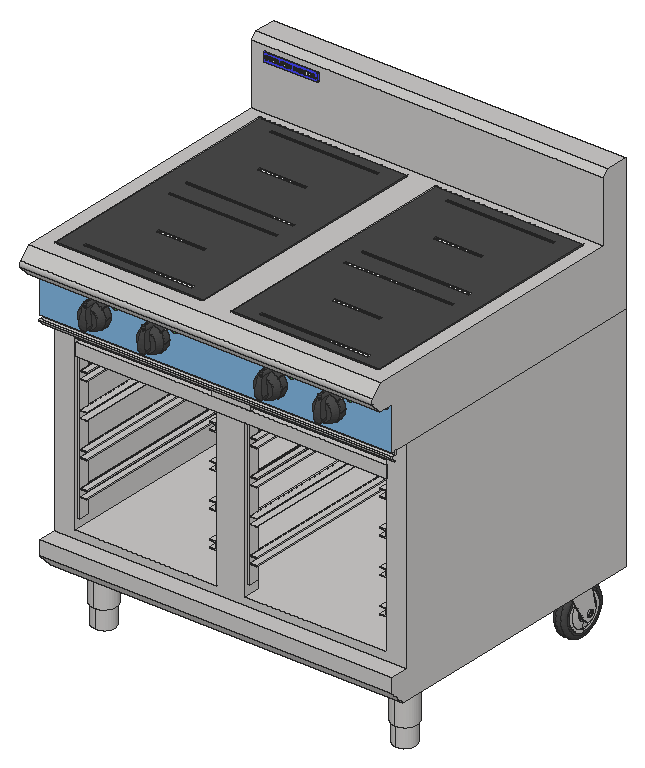
Revit family "QF_Moffat_IN514R3-CB_Induction_Cooktop_cat", category Specialty Equipment, Revit 2019 (continued)
Definition of nested family "QF_LOGO_BLue Seal"
  Forms (mm)
    Extrusion 2, solid
      sketch origin (0, 0, 0) x (1, 0, 0) y (0, 0, 1)
        loop
          line (106.404, 14.317) -> (106.404, 8.169)
          arc (106.404, 8.169) -> (106.697, 7.461) -> (107.404, 7.169) r 1
          line (107.404, 7.169) -> (111.34, 7.169)
          arc (111.34, 7.169) -> (112.047, 7.461) -> (112.34, 8.169) r 1
          line (112.34, 8.169) -> (112.34, 9.135) -> (115.1, 9.135) -> (115.1, 8.169)
          arc (115.1, 8.169) -> (115.393, 7.461) -> (116.1, 7.169) r 1
          line (116.1, 7.169) -> (119.975, 7.169)
        loop
          arc (122.692, 8.169) -> (122.985, 7.461) -> (123.692, 7.169) r 1
          line (123.692, 7.169) -> (133.067, 7.169)
          arc (133.067, 7.169) -> (134.076, 8.178) -> (133.067, 9.188) r 1.01
          line (133.067, 9.188) -> (128.479, 9.188) -> (128.479, 14.317)
          arc (128.479, 14.317) -> (128.186, 15.024) -> (127.479, 15.317) r 1
          line (127.479, 15.317) -> (123.692, 15.317)
          arc (123.692, 15.317) -> (122.985, 15.024) -> (122.692, 14.317) r 1
          line (122.692, 14.317) -> (122.692, 8.169)
        loop
          line (8.019, 7.227) -> (8.019, 15.172)
          arc (8.019, 15.172) -> (4.133, 11.2) -> (8.019, 7.227) r 3.973
      from 0 to 3.2
    Extrusion 3, solid
      sketch origin (0, 0, 0) x (1, 0, 0) y (0, 0, 1)
        loop
          line (8.289, 15.169) -> (8.289, 7.231)
          arc (8.289, 7.231) -> (12.08, 11.2) -> (8.289, 15.169) r 3.973
      from 0 to 3.2
    Extrusion 4, solid
      sketch origin (16.271, 0, 0) x (-1, 0, 0) y (0, 0, -1)
        loop
          arc (8.252, -15.172) -> (12.138, -11.2) -> (8.252, -7.227) r 3.973
          line (8.252, -7.227) -> (8.252, -15.172)
      from 0 to 3.2
  Dimensions and locks
    equal spacing: plane 3 "LEFT", plane 7 "Center Y", plane 4 "RIGHT"
    "Length": plane 3 "LEFT" to plane 4 "RIGHT"
    equal spacing: plane 5 "FRONT", plane 8 "Center X", plane 1 "BACK"
    "Depth": plane 5 "FRONT" to plane 1 "BACK"
    "Height": plane 6 "TOP" to level
    plane 4 "RIGHT" to plane 3 "LEFT" = 138 mm
    aligned and locked: level to plane 2
  Automatic sketch dimensions
    Extrusion 1 sketch curve to Extrusion 1 sketch curve = 0 mm  (x12)
    Extrusion 1 sketch curve to plane 3 "LEFT" = 0 mm
    Extrusion 1 sketch curve to level = 0 mm
    Extrusion 1 sketch curve to plane 6 "TOP" = 0 mm
    plane 4 "RIGHT" to Extrusion 1 sketch curve = 0 mm
    plane 3 "LEFT" to Extrusion 1 sketch curve = 2 mm
    Extrusion 1 sketch curve to Extrusion 1 sketch curve = 2 mm
    plane 3 "LEFT" to Extrusion 1 sketch curve = 8.135 mm
    Extrusion 1 sketch curve to Extrusion 1 sketch curve = 7.524 mm
    Extrusion 1 sketch curve to Extrusion 1 sketch curve = 0.965 mm
    Extrusion 1 sketch curve to Extrusion 1 sketch curve = 1 mm  (x22)
    Extrusion 1 sketch curve to Extrusion 1 sketch curve = 4.503 mm
    Extrusion 1 sketch curve to Extrusion 1 sketch curve = 2.434 mm  (x2)
    Extrusion 1 sketch curve to Extrusion 1 sketch curve = 4.362 mm
    Extrusion 1 sketch curve to Extrusion 1 sketch curve = 3.517 mm
    Extrusion 1 sketch curve to Extrusion 1 sketch curve = 3.787 mm  (x2)
    Extrusion 1 sketch curve to Extrusion 1 sketch curve = 4.787 mm
    Extrusion 1 sketch curve to Extrusion 1 sketch curve = 4.588 mm
    Extrusion 1 sketch curve to Extrusion 1 sketch curve = 1.798 mm
    Extrusion 1 sketch curve to Extrusion 1 sketch curve = 1.956 mm  (x2)
    Extrusion 1 sketch curve to Extrusion 1 sketch curve = 3.735 mm
    Extrusion 1 sketch curve to Extrusion 1 sketch curve = 3.779 mm
    Extrusion 1 sketch curve to Extrusion 1 sketch curve = 1.146 mm
    Extrusion 1 sketch curve to Extrusion 1 sketch curve = 3.631 mm
    Extrusion 1 sketch curve to Extrusion 1 sketch curve = 3.713 mm
    Extrusion 1 sketch curve to Extrusion 1 sketch curve = 0.959 mm
    Extrusion 1 sketch curve to Extrusion 1 sketch curve = 1.688 mm
    Extrusion 1 sketch curve to plane 7 "Center Y" = 3.94 mm
    plane 7 "Center Y" to Extrusion 1 sketch curve = 0.777 mm
    plane 7 "Center Y" to Extrusion 1 sketch curve = 0.845 mm
    plane 7 "Center Y" to Extrusion 1 sketch curve = 0.988 mm
    Extrusion 1 sketch curve to Extrusion 1 sketch curve = 7.327 mm
    Extrusion 1 sketch curve to Extrusion 1 sketch curve = 4.556 mm
    Extrusion 1 sketch curve to Extrusion 1 sketch curve = 3.087 mm
    Extrusion 1 sketch curve to Extrusion 1 sketch curve = 4.657 mm  (x2)
    Extrusion 1 sketch curve to Extrusion 1 sketch curve = 0.004 mm
    Extrusion 1 sketch curve to Extrusion 1 sketch curve = 0.996 mm  (x2)
    Extrusion 1 sketch curve to Extrusion 1 sketch curve = 1.402 mm
    Extrusion 1 sketch curve to Extrusion 1 sketch curve = 5.025 mm
    Extrusion 1 sketch curve to Extrusion 1 sketch curve = 4.717 mm
    Extrusion 1 sketch curve to Extrusion 1 sketch curve = 4.785 mm
    Extrusion 1 sketch curve to Extrusion 1 sketch curve = 0.211 mm
    Extrusion 1 sketch curve to Extrusion 1 sketch curve = 2.645 mm
    Extrusion 1 sketch curve to Extrusion 1 sketch curve = 3.936 mm
    Extrusion 1 sketch curve to Extrusion 1 sketch curve = 0.5 mm  (x2)
    Extrusion 1 sketch curve to Extrusion 1 sketch curve = 1.76 mm
    Extrusion 1 sketch curve to Extrusion 1 sketch curve = 2.76 mm
    Extrusion 1 sketch curve to Extrusion 1 sketch curve = 4.875 mm
    Extrusion 1 sketch curve to Extrusion 1 sketch curve = 3.875 mm
    Extrusion 1 sketch curve to Extrusion 1 sketch curve = 1.717 mm
    plane 4 "RIGHT" to Extrusion 1 sketch curve = 4.933 mm
    plane 4 "RIGHT" to Extrusion 1 sketch curve = 2 mm  (x2)
    level to Extrusion 1 sketch curve = 7.169 mm  (x5)
    Extrusion 1 sketch curve to Extrusion 1 sketch curve = 5.169 mm
    Extrusion 1 sketch curve to Extrusion 1 sketch curve = 0.983 mm  (x2)
    Extrusion 1 sketch curve to Extrusion 1 sketch curve = 1.01 mm  (x2)
    Extrusion 1 sketch curve to Extrusion 1 sketch curve = 0.376 mm
    Extrusion 1 sketch curve to Extrusion 1 sketch curve = 0.588 mm
    Extrusion 1 sketch curve to Extrusion 1 sketch curve = 0.966 mm
    Extrusion 1 sketch curve to Extrusion 1 sketch curve = 2.037 mm  (x2)
    Extrusion 1 sketch curve to Extrusion 1 sketch curve = 0.772 mm  (x2)
    Extrusion 1 sketch curve to Extrusion 1 sketch curve = 0.952 mm
    Extrusion 1 sketch curve to Extrusion 1 sketch curve = 1.046 mm
    Extrusion 1 sketch curve to Extrusion 1 sketch curve = 1.28 mm  (x2)
    Extrusion 1 sketch curve to Extrusion 1 sketch curve = 1.878 mm
    Extrusion 1 sketch curve to Extrusion 1 sketch curve = 2.905 mm
    Extrusion 1 sketch curve to Extrusion 1 sketch curve = 3.031 mm
    Extrusion 1 sketch curve to Extrusion 1 sketch curve = 0.84 mm  (x2)
    Extrusion 1 sketch curve to Extrusion 1 sketch curve = 2.448 mm
    Extrusion 1 sketch curve to Extrusion 1 sketch curve = 2.202 mm
    Extrusion 1 sketch curve to Extrusion 1 sketch curve = 0.786 mm
    Extrusion 1 sketch curve to Extrusion 1 sketch curve = 1.332 mm
    Extrusion 1 sketch curve to Extrusion 1 sketch curve = 1.12 mm  (x2)
    Extrusion 1 sketch curve to Extrusion 1 sketch curve = 1.716 mm
    Extrusion 1 sketch curve to Extrusion 1 sketch curve = 1.051 mm  (x2)
    Extrusion 1 sketch curve to Extrusion 1 sketch curve = 4.147 mm
    Extrusion 1 sketch curve to Extrusion 1 sketch curve = 5.129 mm
    Extrusion 1 sketch curve to Extrusion 1 sketch curve = 0.051 mm
    Extrusion 1 sketch curve to Extrusion 1 sketch curve = 1.037 mm
    Extrusion 1 sketch curve to Extrusion 1 sketch curve = 0.516 mm
    plane 3 "LEFT" to Extrusion 1 sketch curve = 3.555 mm
    Extrusion 2 sketch curve to Extrusion 2 sketch curve = 0 mm  (x16)
    plane 3 "LEFT" to Extrusion 2 sketch curve = 8.019 mm
    Extrusion 2 sketch curve to Extrusion 2 sketch curve = 0.088 mm
    Extrusion 2 sketch curve to Extrusion 2 sketch curve = 0.029 mm
    Extrusion 2 sketch curve to Extrusion 2 sketch curve = 0.27 mm
    Extrusion 2 sketch curve to Extrusion 2 sketch curve = 7.371 mm
    Extrusion 2 sketch curve to Extrusion 2 sketch curve = 0.965 mm
    Extrusion 2 sketch curve to Extrusion 2 sketch curve = 1 mm  (x24)
    Extrusion 2 sketch curve to Extrusion 2 sketch curve = 4.503 mm
    Extrusion 2 sketch curve to Extrusion 2 sketch curve = 2.434 mm
    Extrusion 2 sketch curve to Extrusion 2 sketch curve = 4.362 mm
    Extrusion 2 sketch curve to Extrusion 2 sketch curve = 3.517 mm
    Extrusion 2 sketch curve to Extrusion 2 sketch curve = 3.787 mm  (x2)
    Extrusion 2 sketch curve to Extrusion 2 sketch curve = 4.787 mm  (x2)
    Extrusion 2 sketch curve to Extrusion 2 sketch curve = 4.588 mm  (x2)
    Extrusion 2 sketch curve to Extrusion 2 sketch curve = 1.798 mm
    Extrusion 2 sketch curve to Extrusion 2 sketch curve = 1.956 mm
    Extrusion 2 sketch curve to Extrusion 2 sketch curve = 3.735 mm
    Extrusion 2 sketch curve to Extrusion 2 sketch curve = 1.146 mm
    Extrusion 2 sketch curve to Extrusion 2 sketch curve = 3.631 mm
    Extrusion 2 sketch curve to Extrusion 2 sketch curve = 3.713 mm
    Extrusion 2 sketch curve to Extrusion 2 sketch curve = 0.959 mm
    Extrusion 2 sketch curve to Extrusion 2 sketch curve = 1.688 mm
    Extrusion 2 sketch curve to plane 7 "Center Y" = 3.94 mm
    plane 7 "Center Y" to Extrusion 2 sketch curve = 0.777 mm
    plane 7 "Center Y" to Extrusion 2 sketch curve = 0.845 mm
    plane 7 "Center Y" to Extrusion 2 sketch curve = 0.988 mm
    Extrusion 2 sketch curve to Extrusion 2 sketch curve = 7.327 mm
    Extrusion 2 sketch curve to Extrusion 2 sketch curve = 4.556 mm
    Extrusion 2 sketch curve to Extrusion 2 sketch curve = 3.087 mm
    Extrusion 2 sketch curve to Extrusion 2 sketch curve = 4.657 mm  (x2)
    Extrusion 2 sketch curve to Extrusion 2 sketch curve = 0.004 mm
    Extrusion 2 sketch curve to Extrusion 2 sketch curve = 0.996 mm
    Extrusion 2 sketch curve to Extrusion 2 sketch curve = 1.402 mm
    Extrusion 2 sketch curve to Extrusion 2 sketch curve = 5.025 mm
    Extrusion 2 sketch curve to Extrusion 2 sketch curve = 4.717 mm
    Extrusion 2 sketch curve to Extrusion 2 sketch curve = 4.785 mm
    Extrusion 2 sketch curve to Extrusion 2 sketch curve = 0.211 mm
    Extrusion 2 sketch curve to Extrusion 2 sketch curve = 2.578 mm
    Extrusion 2 sketch curve to Extrusion 2 sketch curve = 3.936 mm
    Extrusion 2 sketch curve to Extrusion 2 sketch curve = 0.5 mm  (x2)
    Extrusion 2 sketch curve to Extrusion 2 sketch curve = 1.76 mm
    Extrusion 2 sketch curve to Extrusion 2 sketch curve = 2.76 mm
    Extrusion 2 sketch curve to Extrusion 2 sketch curve = 3.875 mm
    Extrusion 2 sketch curve to Extrusion 2 sketch curve = 4.875 mm
    Extrusion 2 sketch curve to Extrusion 2 sketch curve = 1.717 mm
    level to Extrusion 2 sketch curve = 7.169 mm  (x6)
    level to Extrusion 2 sketch curve = 7.227 mm
    Extrusion 2 sketch curve to Extrusion 2 sketch curve = 0.003 mm
    Extrusion 2 sketch curve to Extrusion 2 sketch curve = 0.983 mm  (x2)
    Extrusion 2 sketch curve to Extrusion 2 sketch curve = 1.01 mm  (x2)
    Extrusion 2 sketch curve to Extrusion 2 sketch curve = 1.376 mm
    Extrusion 2 sketch curve to Extrusion 2 sketch curve = 0.588 mm
    Extrusion 2 sketch curve to Extrusion 2 sketch curve = 0.966 mm
    Extrusion 2 sketch curve to Extrusion 2 sketch curve = 2.037 mm  (x2)
    Extrusion 2 sketch curve to Extrusion 2 sketch curve = 0.772 mm  (x2)
    Extrusion 2 sketch curve to Extrusion 2 sketch curve = 1.539 mm
    Extrusion 2 sketch curve to Extrusion 2 sketch curve = 0.961 mm
    Extrusion 2 sketch curve to Extrusion 2 sketch curve = 1.28 mm  (x2)
    Extrusion 2 sketch curve to Extrusion 2 sketch curve = 1.878 mm
    Extrusion 2 sketch curve to Extrusion 2 sketch curve = 2.905 mm
    Extrusion 2 sketch curve to Extrusion 2 sketch curve = 3.969 mm
    Extrusion 2 sketch curve to Extrusion 2 sketch curve = 0.84 mm  (x2)
    Extrusion 2 sketch curve to Extrusion 2 sketch curve = 2.448 mm
    Extrusion 2 sketch curve to Extrusion 2 sketch curve = 2.202 mm
    Extrusion 2 sketch curve to Extrusion 2 sketch curve = 2.222 mm
    Extrusion 2 sketch curve to Extrusion 2 sketch curve = 1.332 mm
    Extrusion 2 sketch curve to Extrusion 2 sketch curve = 1.12 mm  (x2)
    Extrusion 2 sketch curve to Extrusion 2 sketch curve = 0.929 mm
    Extrusion 2 sketch curve to Extrusion 2 sketch curve = 1.051 mm  (x2)
    Extrusion 2 sketch curve to Extrusion 2 sketch curve = 5.129 mm  (x2)
    Extrusion 2 sketch curve to Extrusion 2 sketch curve = 4.147 mm
    Extrusion 2 sketch curve to Extrusion 2 sketch curve = 0.516 mm
    plane 3 "LEFT" to Extrusion 2 sketch curve = 3.555 mm
    plane 3 "LEFT" to Extrusion 3 sketch curve = 8.107 mm
    Extrusion 3 sketch curve to Extrusion 3 sketch curve = 0.182 mm
    level to Extrusion 3 sketch curve = 7.231 mm
    Extrusion 3 sketch curve to Extrusion 3 sketch curve = 3.969 mm
    Extrusion 4 sketch curve to plane 3 "LEFT" = 8.107 mm
    Extrusion 4 sketch curve to Extrusion 4 sketch curve = 0.088 mm
    Extrusion 4 sketch curve to level = 7.227 mm
    Extrusion 4 sketch curve to Extrusion 4 sketch curve = 3.972 mm
Definition of nested family "6 INCHES 02_CASTER"
  Parameters (values of type "6 INCHES 02_CASTER")
    Weight = ""
    URL Manufacturer = ""
    URL Cutsheet = ""
    URL = ""
    Type Mark [instance] = ""
    Specification by User [instance] = ""
    Specification by Manufacturer = ""
    Show Casters [instance] = yes
    Serial Number = ""
    Seismic Rating = ""
    SMACNA No = ""
    Revision Code [instance] = ""
    Omniclass Number and Title = ""
    NAFEM Spec ID Number = ""
    Model = ""
    MasterSpec. = ""
    Manufacturer = ""
    Item Number [instance] = ""
    Installed By [instance] = ""
    Identify Quantity as Lot [instance] = yes
    Furnished By [instance] = ""
    Foodservice Equipment Identifier [instance] = yes
    Description = ""
    CSI MasterFormat = ""
    CSI Master Format = ""
  Reference planes
    plane 1 "BACK": y = 0
    plane 2: z = 0
    plane 3 "LEFT": x = 0
    plane 4 "RIGHT": x = 0
    plane 5 "FRONT": y = 0
    plane 6 "TOP": z = 150
  Forms (mm)
    Revolve 1, solid, visible <- "Show Casters"
      sketch origin (-56.335, 0, -6.35) x (-1, 0, 0) y (0, 0, 1)
        loop
          line (-56.335, 152.4) -> (-56.335, 141.118) -> (-23.798, 141.118) -> (-23.798, 152.4) -> (-56.335, 152.4)
        axis (-56.335, 141.118) -> (-56.335, 152.4)
      angle from 0 to 360
    Extrusion 2, solid, visible <- "Show Casters"
      sketch origin (6.501, 53.083, -4.762) x (0, 1, 0) y (0, 0, 1)
        loop
          line (-85.799, 139.531) -> (-85.799, 133.181) -> (-42.478, 58.614)
          arc (-42.478, 58.614) -> (-16.638, 50.199) -> (-6.442, 75.39) r 19.923
          line (-6.442, 75.39) -> (-20.366, 139.531) -> (-85.799, 139.531)
      from 20.058 to 22.923
    Extrusion 3, solid, visible <- "Show Casters"
      sketch origin (0, 0, 146.05) x (0, 1, 0) y (-1, 0, 0)
        loop
          circle (0, 0) r 19.05
      from 0 to 3.95
    Extrusion 4, solid, visible <- "Show Casters"
      sketch origin (-6.501, 53.083, -4.762) x (0, 1, 0) y (0, 0, -1)
        loop
          line (-85.799, -133.181) -> (-85.799, -139.531) -> (-20.366, -139.531) -> (-6.442, -75.39)
          arc (-6.442, -75.39) -> (-16.638, -50.199) -> (-42.478, -58.614) r 19.923
          line (-42.478, -58.614) -> (-85.799, -133.181)
      from 20.058 to 22.923
    Extrusion 5, solid, visible <- "Show Casters"
      sketch origin (0, -3.253, 19.05) x (0, 1, 0) y (0, 0, 1)
        loop
          line (-29.464, 115.718) -> (-29.464, 109.368) -> (35.969, 109.368) -> (35.969, 115.718) -> (-29.464, 115.718)
      from -26.559 to 26.559
    Revolve 6, solid, visible <- "Show Casters"
      sketch origin (-49.213, 28.39, -3.252) x (1, 0, 0) y (0, 0, 1)
        loop
          line (14.841, 65.192) -> (14.841, 61.686) -> (16.111, 60.416) -> (17.635, 60.416) -> (17.635, 56.97) -> (29.782, 56.97) -> (29.782, 46.925) -> (33.069, 45.027) -> (36.232, 25.477) -> (32.544, 25.477) -> (32.544, 19.127) -> (33.338, 19.127) -> (33.338, 12.777)
          arc (33.338, 12.777) -> (36.127, 6.041) -> (42.863, 3.252) r 9.525
          line (42.863, 3.252) -> (55.563, 3.252)
          arc (55.563, 3.252) -> (62.298, 6.041) -> (65.088, 12.777) r 9.525
          line (65.088, 12.777) -> (65.088, 19.127) -> (65.881, 19.127) -> (65.881, 25.477) -> (62.193, 25.477) -> (65.371, 45.116) -> (68.644, 47.006) -> (68.644, 56.97) -> (80.79, 56.97) -> (80.79, 60.416) -> (82.314, 60.416) -> (83.584, 61.686) -> (83.584, 65.192) -> (14.841, 65.192)
        axis (14.841, 65.192) -> (83.584, 65.192)
      angle from 0 to 360
  Cuts and joins
    joined: Extrusion 2, Extrusion 4, Extrusion 5
  Lines and regions (mm)
    symbolic lines, visible <- "Show Casters"
      curve 1: line (11.652, 51.878, 0) -> (39.148, 36.003, 0)
      curve 2: line (-39.148, -36.11, 0) -> (-20.098, -3.115, 0)
      curve 3: line (-11.652, -51.985, 0) -> (-39.148, -36.11, 0)
      curve 4: line (39.148, 36.003, 0) -> (20.098, 3.007, 0)
      curve 5: line (-7.398, 18.882, 0) -> (11.652, 51.878, 0)
      curve 6: line (7.398, -18.99, 0) -> (-11.652, -51.985, 0)
  Dimensions and locks
    plane 6 "TOP" to level = 150 mm  (x2)
    aligned and locked: level to plane 2
Definition of nested family "Knob"
  Parameters (values of type "Knob")
    Weight in Pounds = 0
    URL Cutsheet = ""
    Specification by User = ""
    Specification by Manufacturer = ""
    Serial Number = ""
    Seismic Rating = ""
    SMACNA No = ""
    Revision Code = ""
    NAFEM Spec ID Number = ""
    Masterspec = ""
    Length = 65 mm
    Item Number = ""
    Installed By = ""
    Identify Quantity as Lot = yes
    Height = 69.5 mm
    Furnished By = ""
    Foodservice Equipment Identifier = yes
    Depth = 59 mm
    CSI MasterFormat = ""
  Reference planes
    plane 1 "BACK": y = 0
    plane 2: z = 0
    plane 3 "LEFT": x = 0
    plane 4 "RIGHT": x = 65
    plane 5 "FRONT": y = -59
    plane 6 "TOP": z = 69.5
    plane 7 "Center Y": x = 32.5
    plane 8 "Center X": y = -29.5
  Forms (mm)
    Revolve 1, solid
      sketch origin (32.5, 175.397, 1219.2) x (0, 1, 0) y (0, 0, 1)
        loop
          line (-175.397, -1186.7) -> (-219.397, -1186.7) -> (-219.397, -1211.501) -> (-202.106, -1219.2) -> (-185.397, -1219.2) -> (-185.397, -1191.7) -> (-175.397, -1191.7) -> (-175.397, -1186.7)
        axis (-219.397, -1186.7) -> (-175.397, -1186.7)
      angle from 0 to 360
    Extrusion 2, solid
      sketch origin (32.5, 175.397, 1219.2) x (0, 1, 0) y (0, 0, 1)
        loop
          line (-202.106, -1154.2) -> (-185.397, -1154.2) -> (-185.397, -1149.7) -> (-224.105, -1149.7)
          arc (-224.105, -1149.7) -> (-233.965, -1178.467) -> (-230.696, -1208.7) r 70
          line (-230.696, -1208.7) -> (-219.397, -1208.7) -> (-219.397, -1161.899) -> (-202.106, -1154.2)
      from -15 to 15
    Extrusion 3, void
      sketch origin (0, 0, 0) x (1, 0, 0) y (0, 0, 1)
        loop
          line (27.501, 64.613) -> (22.02, 20.585)
          arc (22.02, 20.585) -> (32.792, 10.488) -> (42.986, 21.169) r 10.487
          line (42.986, 21.169) -> (37.499, 64.613)
          arc (37.499, 64.613) -> (32.5, 69.5) -> (27.501, 64.613) r 5
        loop
          line (10, 72.977) -> (10, 5.625) -> (55, 5.625) -> (55, 72.977) -> (10, 72.977)
      from 6.142 to 69.687
    Extrusion 4, solid
      sketch origin (0, -34.115, -16.916) x (1, 0, 0) y (0, 0.45399, 0.891007)
        loop
          circle (32.497, 65) r 2
      from 51.525 to 53.075
    Extrusion 5, solid
      sketch origin (32.5, -10, 32.5) x (0, 0, -1) y (-1, 0, 0)
        loop
          line (-23.54, -22.408) -> (-24.106, -22.974)
          arc (-24.106, -22.974) -> (-23.547, -23.547) -> (-22.974, -24.106) r 33.3
          line (-22.974, -24.106) -> (-22.408, -23.54)
          arc (-22.408, -23.54) -> (-22.981, -22.981) -> (-23.54, -22.408) r 32.5
        loop
          arc (-0.8, -33.29) -> (0, -33.3) -> (0.8, -33.29) r 33.3
          line (0.8, -33.29) -> (0.8, -32.49)
          arc (0.8, -32.49) -> (0, -32.5) -> (-0.8, -32.49) r 32.5
          line (-0.8, -32.49) -> (-0.8, -33.29)
        loop
          arc (23.54, -22.408) -> (22.981, -22.981) -> (22.408, -23.54) r 32.5
          line (22.408, -23.54) -> (22.974, -24.106)
          arc (22.974, -24.106) -> (23.547, -23.547) -> (24.106, -22.974) r 33.3
          line (24.106, -22.974) -> (23.54, -22.408)
        loop
          arc (-23.54, 22.408) -> (-22.981, 22.981) -> (-22.408, 23.54) r 32.5
          line (-22.408, 23.54) -> (-22.974, 24.106)
          arc (-22.974, 24.106) -> (-23.547, 23.547) -> (-24.106, 22.974) r 33.3
          line (-24.106, 22.974) -> (-23.54, 22.408)
        loop
          line (-0.8, 33.29) -> (-0.8, 32.49)
          arc (-0.8, 32.49) -> (0, 32.5) -> (0.8, 32.49) r 32.5
          line (0.8, 32.49) -> (0.8, 33.29)
          arc (0.8, 33.29) -> (0, 33.3) -> (-0.8, 33.29) r 33.3
        loop
          line (32.49, -0.8) -> (33.29, -0.8)
          arc (33.29, -0.8) -> (33.3, 0) -> (33.29, 0.8) r 33.3
          line (33.29, 0.8) -> (32.49, 0.8)
          arc (32.49, 0.8) -> (32.5, 0) -> (32.49, -0.8) r 32.5
        loop
          arc (24.106, 22.974) -> (23.547, 23.547) -> (22.974, 24.106) r 33.3
          line (22.974, 24.106) -> (22.408, 23.54)
          arc (22.408, 23.54) -> (22.981, 22.981) -> (23.54, 22.408) r 32.5
          line (23.54, 22.408) -> (24.106, 22.974)
      from 0 to -16.709
  Cuts and joins
    Extrusion 3 cuts Extrusion 2
  Dimensions and locks
    equal spacing: plane 3 "LEFT", plane 7 "Center Y", plane 4 "RIGHT"
    "Length": plane 3 "LEFT" to plane 4 "RIGHT"
    equal spacing: plane 5 "FRONT", plane 8 "Center X", plane 1 "BACK"
    "Depth": plane 5 "FRONT" to plane 1 "BACK"
    "Height": plane 6 "TOP" to level
    plane 4 "RIGHT" to plane 3 "LEFT" = 65 mm
    aligned and locked: level to plane 2
  Automatic sketch dimensions
    Revolve 1 sketch curve to level = 0 mm
    Revolve 1 sketch curve to plane 1 "BACK" = 0 mm  (x2)
    plane 1 "BACK" to Revolve 1 sketch curve = 10 mm
    plane 8 "Center X" to Revolve 1 sketch curve = 2.791 mm
    Revolve 1 sketch curve to plane 8 "Center X" = 14.5 mm
    level to Revolve 1 sketch curve = 7.699 mm
    level to Revolve 1 sketch curve = 27.5 mm
    Revolve 1 sketch curve to Revolve 1 sketch curve = 5 mm
    Revolve 1 sketch curve to Revolve 1 sketch curve = 35 mm
    Revolve 1 sketch curve to Revolve 1 sketch curve = 0 mm
    Extrusion 2 sketch curve to plane 6 "TOP" = 0 mm
    Extrusion 2 sketch curve to plane 5 "FRONT" = 3.702 mm
    Extrusion 2 sketch curve to plane 5 "FRONT" = 10.293 mm
    Extrusion 2 sketch curve to Extrusion 2 sketch curve = 11.298 mm
    plane 8 "Center X" to Extrusion 2 sketch curve = 2.791 mm
    plane 1 "BACK" to Extrusion 2 sketch curve = 10 mm
    Extrusion 2 sketch curve to plane 1 "BACK" = 11 mm
    Extrusion 2 sketch curve to plane 6 "TOP" = 4.5 mm
    Extrusion 2 sketch curve to plane 6 "TOP" = 12.199 mm
    level to Extrusion 2 sketch curve = 32.962 mm
    level to Extrusion 3 sketch curve = 5.625 mm
    Extrusion 3 sketch curve to plane 7 "Center Y" = 0 mm  (x2)
    Extrusion 3 sketch curve to plane 7 "Center Y" = 4.999 mm
    Extrusion 3 sketch curve to plane 7 "Center Y" = 10.48 mm
    plane 6 "TOP" to Extrusion 3 sketch curve = 3.477 mm
    plane 3 "LEFT" to Extrusion 3 sketch curve = 10 mm
    Extrusion 3 sketch curve to plane 6 "TOP" = 4.887 mm
    Extrusion 3 sketch curve to Extrusion 3 sketch curve = 4.999 mm
    plane 7 "Center Y" to Extrusion 3 sketch curve = 10.486 mm
    level to Extrusion 3 sketch curve = 20.585 mm
    Extrusion 3 sketch curve to Extrusion 3 sketch curve = 0.387 mm
    Extrusion 3 sketch curve to Extrusion 3 sketch curve = 0.113 mm
    plane 4 "RIGHT" to Extrusion 3 sketch curve = 10 mm
    Extrusion 5 sketch curve to Revolve 1 = 32.49 mm
    Revolve 1 to Extrusion 5 sketch curve = 32.49 mm
    Extrusion 5 sketch curve to Revolve 1 = 23.54 mm  (x2)
    Revolve 1 to Extrusion 5 sketch curve = 23.54 mm  (x2)
    Extrusion 5 sketch curve to Revolve 1 = 24.106 mm  (x2)
    Revolve 1 to Extrusion 5 sketch curve = 24.106 mm  (x2)
    Revolve 1 to Extrusion 5 sketch curve = 22.408 mm  (x2)
    Extrusion 5 sketch curve to Revolve 1 = 22.408 mm  (x2)
    Revolve 1 to Extrusion 5 sketch curve = 22.974 mm  (x2)
    Extrusion 5 sketch curve to Revolve 1 = 22.974 mm  (x2)
    Extrusion 5 sketch curve to Extrusion 5 sketch curve = 1.6 mm  (x2)
    Revolve 1 to Extrusion 5 sketch curve = 0.8 mm
    Extrusion 5 sketch curve to Revolve 1 = 0.8 mm
    Extrusion 4 sketch curve to plane 7 "Center Y" = 0.003 mm
    radius of Extrusion 5 sketch curve to Revolve 1 = 0 mm  (x7)
    radius of Revolve 1 to Extrusion 5 sketch curve = 0.8 mm  (x7)
    radius of Extrusion 4 sketch curve = 2 mm
Types (2, lengths in mm): name | Watts | Volts | Cycle | Apparent Power
  IN514R3-CB_415/60/3 | 8300 W | 415 V | 60 Hz | 14359 VA
  IN514R3-CB_400/50/3 | 8000 W | 400 V | 50 Hz | 13840 VA
